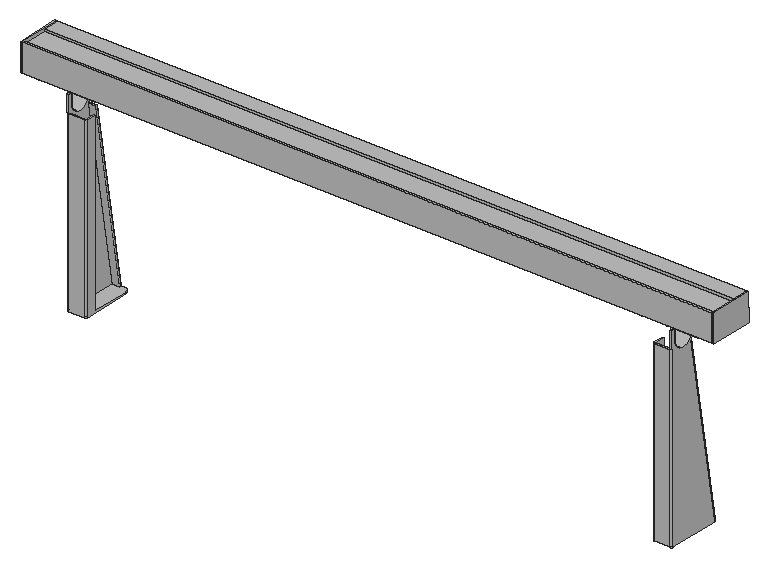
Revit family "4070756+4070747+4070772 Feilo Sylvania Lighting Fixtures CURSUS 876MM 653LM OVAL LED 4K with SINGLE WALL HOUSING with 250MM WALL BRACKET", category Lighting Fixtures, host Face, Revit 2017
Family settings
  Host = Face
  Round Connector Dimension = Use Diameter
  Part Type = Normal
  OmniClass Number = 23.80.70.14
  OmniClass Title = Luminaries for External Lighting
  Cut with Voids When Loaded = Yes
  Light Source = No
  Shared = No
  Room Calculation Point = No
Parameters (values of type "4070756 CURSUS 876MM 653LM OVAL LED 4K")
  Weight = "1.7 kg"
  Wattage Comments = "n/a"
  WarrantyStartDate [instance] = "n/a"
  WarrantyGuarantorParts = "n/a"
  WarrantyDurationUnit = "n/a"
  WarrantyDurationParts = "n/a"
  WarrantyDescription = "n/a"
  Voltage = 24 V
  URL = "http://www.sylvania-lighting.com"
  TypeName = "CURSUS 876MM 653LM OVAL LED 4K"
  TypeFixture_FEILO = CURSUS with SINGLE WALL HOUSING : CURSUS 876MM 653LM OVAL LED 4K
  Type Image = <None>
  Type Comments = "n/a"
  TiltAngle [instance] = 0.00°
  StartAngle [instance] = TiltAngle + 270.00°  # 270.00°
  SerialNumber [instance] = "n/a"
  ReflectorMaterial = none
  PowerFactor = 0
  PowerConsumption = "13.5 W"
  NominalLength = 876 mm
  NominalHeight = 50 mm
  NominalDepth = 30 mm
  Name = "CURSUS 876MM 653LM OVAL LED 4K"
  ModelReference = Name  # "CURSUS 876MM 653LM OVAL LED 4K"
  ModelNumber = "4070756"
  Model = Name  # "CURSUS 876MM 653LM OVAL LED 4K"
  Material = "natural anodised extruded aluminium structure housing, optical system with pmma lenses diffuser"
  ManufacturerName = "Feilo Sylvania"
  Manufacturer = "Feilo Sylvania"
  LuminousEfficacy = "48.37 lm/W"
  LuminaireType = ""
  LightOutputRatio = "100"
  LampsType = Lamp  # "LED"
  LampNominalLuminous = "653 lm"
  LampMacAdamStep = "n/a"
  LampColourTemperature = "4000 K"
  LampColourRenderingIndex = "80"
  Lamp = "LED"
  Keynote = "16500"
  InstallationDate [instance] = "n/a"
  InputVoltage = "24V DC"
  InputNominalFrequency = "n/a"
  IngressProtection = "IP67"
  ImpactProtectionIndex = "IK07"
  IfcExportType = "IfcLightFixtureType"
  IfcExportAs = "IfcLightFixtureType"
  ExpectedLife = 50000
  EndAngle [instance] = StartAngle - 180.00°  # 90.00°
  ElectricShockClassification = "Class III"
  DurationUnit = "hours"
  DocumentationLiterature = "http://www.sylvania-lighting.com/product/en-int/products/4070756"
  DimmingControlOptions = "n/a"
  DiffuserMaterial = Diffuser-Sylvania-Glow
  Description = "LED Exterior Lighting Recessed Surface Mounted Linear Fixture, Natural anodised extruded aluminium structure. Die-cast aluminium end caps. Installation kit with harmonic steel springs., 653 lm, 13,5W,  48lm/W, 4000K, CRI80+,non dimmable,IP67, IK07, (HxWxD) 876x50x30mm, 3 step Mac Adam Ellipse, 1.7kg,, Classe III, 21-25V-DC, energy class : A++, A+, A"
  Default Elevation = 1219.2 mm
  CreatedOn = "1/8/2018"
  CreatedBy = ""
  Cost = 0
  built-in parameter 1114216 [instance] = (empty or 0)
  ClassificationValue = "EF_70_80"
  ClassificationName = "Uniclass2015"
  BracketWidth = 24 mm
  BracketThickness = 2 mm
  BracketHeightEnd = 32 mm
  BracketHeight = 70 mm
  BracketFlange = BracketHeight / 5  # 14 mm
  BracketExtension = 250 mm
  BracketEndReduction = 25 mm
  BracketC = 22 mm  # constant formula
  BracketDistance = 745 mm
  BracketD = BracketHeightEnd - (BracketC * (BracketHeight - BracketHeightEnd) / (BracketExtension - BracketEndReduction))  # 28.284 mm
  BodyMaterial = Body-Sylvania-Gray
  BarCode [instance] = "n/a"
  AssetType = "Fixed"
  AssetIdentifier [instance] = "n/a"
  Assembly Code = "D5020200"
  Apparent Load = 13.5 VA
  AccessoryMaterial = Diffuser-Sylvania-Glow
Reference planes
  plane 1 "Center (Front/Back)": y = 0
  plane 2: z = 0
  plane 3 "Center (Left/Right)": x = 0
  plane 4: x = -384.5
  plane 5: x = 384.5
  plane 6: y = 70
  plane 7: x = -360.5
  plane 8: x = 360.5
  plane 9: z = 250
  plane 10: z = 236
  plane 11: z = 2
  plane 12: z = 225
  plane 13: x = -382.5
  plane 14: y = 68
  plane 15: y = 2
  plane 16: x = -362.5
  plane 17: x = 362.5
  plane 18: x = 382.5
  plane 19: x = -372.5
  plane 20: x = 372.5
  plane 21: y = 14
  plane 22: y = 32
  plane 23: y = 30
  plane 24: z = 247
  plane 25: y = 28.284
  plane 26: y = 16
Forms (mm)
  Blend 1, solid, material "Body-Sylvania-Gray" <- "BodyMaterial"
    base sketch origin (1223.4, -4572, 2) x (0, -1, 0) y (1, 0, 0)
      loop
        line (-4640, -1595.9) -> (-4642, -1595.9) -> (-4642, -1605.9)
        arc (-4642, -1605.9) -> (-4641.414, -1607.314) -> (-4640, -1607.9) r 2
        line (-4640, -1607.9) -> (-4574, -1607.9)
        arc (-4574, -1607.9) -> (-4572.586, -1607.314) -> (-4572, -1605.9) r 2
        line (-4572, -1605.9) -> (-4572, -1585.9)
        arc (-4572, -1585.9) -> (-4572.586, -1584.486) -> (-4574, -1583.9) r 2
        line (-4574, -1583.9) -> (-4586, -1583.9) -> (-4586, -1585.9) -> (-4574, -1585.9) -> (-4574, -1605.9) -> (-4640, -1605.9) -> (-4640, -1595.9)
    top sketch origin (1223.4, -4572, 2) x (0, -1, 0) y (1, 0, 0)
      loop
        line (-4586, -1585.9) -> (-4574, -1585.9) -> (-4574, -1605.9) -> (-4602, -1605.9) -> (-4602, -1595.9) -> (-4604, -1595.9) -> (-4604, -1605.9)
        arc (-4604, -1605.9) -> (-4603.52, -1607.21) -> (-4602.309, -1607.9) r 2.028
        line (-4602.309, -1607.9) -> (-4574, -1607.9)
        arc (-4574, -1607.9) -> (-4572.586, -1607.314) -> (-4572, -1605.9) r 2
        line (-4572, -1605.9) -> (-4572, -1585.9)
        arc (-4572, -1585.9) -> (-4572.586, -1584.486) -> (-4574, -1583.9) r 2
        line (-4574, -1583.9) -> (-4586, -1583.9) -> (-4586, -1585.9)
    from 0 to 223
  Extrusion 2, solid, material "Body-Sylvania-Gray" <- "BodyMaterial"
    sketch origin (0, 0, 0) x (1, 0, 0) y (0, 1, 0)
      loop
        arc (-382.5, 70) -> (-383.914, 69.414) -> (-384.5, 68) r 2
        line (-384.5, 68) -> (-384.5, 2)
        arc (-384.5, 2) -> (-383.914, 0.586) -> (-382.5, 0) r 2
        line (-382.5, 0) -> (-362.5, 0)
        arc (-362.5, 0) -> (-361.086, 0.586) -> (-360.5, 2) r 2
        line (-360.5, 2) -> (-360.5, 62.5)
        arc (-360.5, 62.5) -> (-362.697, 67.803) -> (-368, 70) r 7.5
        line (-368, 70) -> (-382.5, 70)
      loop
        line (382.5, 70) -> (368, 70)
        arc (368, 70) -> (362.697, 67.803) -> (360.5, 62.5) r 7.5
        line (360.5, 62.5) -> (360.5, 2)
        arc (360.5, 2) -> (361.086, 0.586) -> (362.5, 0) r 2
        line (362.5, 0) -> (382.5, 0)
        arc (382.5, 0) -> (383.914, 0.586) -> (384.5, 2) r 2
        line (384.5, 2) -> (384.5, 68)
        arc (384.5, 68) -> (383.914, 69.414) -> (382.5, 70) r 2
    from 0 to 2
  Blend 3, solid, material "Body-Sylvania-Gray" <- "BodyMaterial"
    base sketch origin (1223.4, -4572, 2) x (0, -1, 0) y (1, 0, 0)
      loop
        line (-4640, -840.9) -> (-4574, -840.9) -> (-4574, -860.9) -> (-4586, -860.9) -> (-4586, -862.9) -> (-4574, -862.9)
        arc (-4574, -862.9) -> (-4572.586, -862.314) -> (-4572, -860.9) r 2
        line (-4572, -860.9) -> (-4572, -840.9)
        arc (-4572, -840.9) -> (-4572.586, -839.486) -> (-4574, -838.9) r 2
        line (-4574, -838.9) -> (-4640, -838.9)
        arc (-4640, -838.9) -> (-4641.414, -839.486) -> (-4642, -840.9) r 2
        line (-4642, -840.9) -> (-4642, -850.9) -> (-4640, -850.9) -> (-4640, -840.9)
    top sketch origin (1223.4, -4572, 2) x (0, -1, 0) y (1, 0, 0)
      loop
        line (-4602, -850.9) -> (-4602, -840.9) -> (-4574, -840.9) -> (-4574, -860.9) -> (-4586, -860.9) -> (-4586, -862.9) -> (-4574, -862.9)
        arc (-4574, -862.9) -> (-4572.586, -862.314) -> (-4572, -860.9) r 2
        line (-4572, -860.9) -> (-4572, -840.9)
        arc (-4572, -840.9) -> (-4572.586, -839.486) -> (-4574, -838.9) r 2
        line (-4574, -838.9) -> (-4602, -838.9)
        arc (-4602, -838.9) -> (-4603.414, -839.486) -> (-4604, -840.9) r 2
        line (-4604, -840.9) -> (-4604, -850.9) -> (-4602, -850.9)
    from 0 to 223
  Blend 4, solid, material "Body-Sylvania-Gray" <- "BodyMaterial"
    base sketch origin (1223.4, -4572, 225) x (0, -1, 0) y (1, 0, 0)
      loop
        line (-4604, -1607.9) -> (-4572, -1607.9) -> (-4572, -1605.9) -> (-4604, -1605.9) -> (-4604, -1607.9)
    top sketch origin (1223.4, -4572, 225) x (0, -1, 0) y (1, 0, 0)
      loop
        line (-4572, -1607.9) -> (-4572, -1605.9) -> (-4600.284, -1605.9) -> (-4600.284, -1607.9) -> (-4572, -1607.9)
    from 0 to 22
  Blend 5, solid, material "Body-Sylvania-Gray" <- "BodyMaterial"
    base sketch origin (1223.4, -4572, 225) x (0, -1, 0) y (1, 0, 0)
      loop
        line (-4604, -840.9) -> (-4572, -840.9) -> (-4572, -838.9) -> (-4604, -838.9) -> (-4604, -840.9)
    top sketch origin (1223.4, -4572, 225) x (0, -1, 0) y (1, 0, 0)
      loop
        line (-4572, -838.9) -> (-4600.284, -838.9) -> (-4600.284, -840.9) -> (-4572, -840.9) -> (-4572, -838.9)
    from 0 to 22
  Extrusion 6, void
    sketch origin (0, 0, 0) x (0, 1, 0) y (0, 0, 1)
      loop
        line (0, 225) -> (2, 225) -> (2, 226.5) -> (0, 226.5) -> (0, 225)
      loop
        line (32, 225) -> (32, 226.5) -> (30, 226.5) -> (30, 225) -> (32, 225)
    from -384.5 to 384.5
  Revolve 7, solid, not visible
    sketch origin (1524, 16, 1219.2) x (1, 0, 0) y (0, 0, 1)
      loop
        line (-1524, -972.2) -> (-1524, -983.2) -> (-1151.5, -983.2) -> (-1151.5, -972.2) -> (-1524, -972.2)
      axis (-1151.5, -983.2) -> (-1524, -983.2)
    angle from 270 <- "StartAngle" to 90 <- "EndAngle"
Cuts and joins
  Extrusion 6 cuts Blend 4
  Extrusion 6 cuts Blend 5
  joined: Blend 1, Extrusion 2, Blend 3, Blend 4, Blend 5
Lines and regions (mm)
  reference lines, not visible
    curve 1: line (-360.5, 16, 236) -> (360.5, 16, 236)
Dimensions and locks
  equal spacing: plane 4, plane 3 "Center (Left/Right)", plane 5
  "BracketDistance": plane 19 to plane 20
  "BracketHeight": plane 1 "Center (Front/Back)" to plane 6
  equal spacing: plane 7, plane 3 "Center (Left/Right)", plane 8
  "BracketWidth": plane 4 to plane 7
  "BracketExtension": plane 9 to plane 2
  "BracketThickness": plane 11 to plane 2
  "BracketEndReduction": plane 9 to plane 12
  equal spacing: plane 13, plane 3 "Center (Left/Right)", plane 18
  equal spacing: plane 16, plane 3 "Center (Left/Right)", plane 17
  "BracketThickness": plane 4 to plane 13
  "BracketThickness": plane 16 to plane 7
  "BracketThickness": plane 14 to plane 6
  "BracketThickness": plane 1 "Center (Front/Back)" to plane 15
  equal spacing: plane 4, plane 19, plane 7
  equal spacing: plane 8, plane 20, plane 5
  "BracketFlange": plane 1 "Center (Front/Back)" to plane 21
  "BracketHeightEnd": plane 1 "Center (Front/Back)" to plane 22
  "BracketThickness": plane 23 to plane 22
  locked: Extrusion 2 sketch curve to plane 7 at 7.5
  locked: Extrusion 2 sketch curve to plane 6 at 7.5  (x2)
  locked: plane 8 to Extrusion 2 sketch curve at 7.5
  "BracketC": plane 24 to plane 12
  "BracketD": plane 1 "Center (Front/Back)" to plane 25
  locked: plane 12 to Extrusion 6 sketch curve at 1.5
  equal spacing: plane 24, plane 10, plane 12
  equal spacing: plane 1 "Center (Front/Back)", plane 26, plane 22
  aligned and locked: plane 2 to host face
  aligned and locked: level to host face
  aligned and locked: plane 4 to Blend 1 sketch curve  (x2)
  aligned and locked: plane 13 to Blend 1 sketch curve  (x3)
  aligned and locked: Blend 1 sketch curve to plane 15
  aligned and locked: Blend 1 sketch curve to plane 16
  aligned and locked: Blend 1 sketch curve to plane 21
  aligned and locked: plane 7 to Blend 1 sketch curve
  aligned and locked: plane 16 to Blend 1 sketch curve
  aligned and locked: plane 1 "Center (Front/Back)" to Blend 1 sketch curve
  aligned and locked: plane 14 to Blend 1 sketch curve
  aligned and locked: Blend 1 sketch curve to var sketch  (x6)
  aligned and locked: Blend 1 sketch curve to plane 19
  aligned and locked: Blend 1 sketch curve to plane 22
  aligned and locked: plane 23 to Blend 1 sketch curve
  aligned and locked: plane 11 to Blend 1
  aligned and locked: Extrusion 2 sketch curve to Blend 1  (x3)
  aligned and locked: Extrusion 2 to level
  aligned and locked: Extrusion 2 to plane 11
  aligned and locked: Extrusion 2 sketch curve to plane 7
  aligned and locked: plane 18 to Blend 3 sketch curve  (x4)
  aligned and locked: plane 14 to Blend 3 sketch curve  (x2)
  aligned and locked: Blend 3 sketch curve to plane 20
  aligned and locked: Blend 3 sketch curve to plane 6
  aligned and locked: plane 5 to Blend 3 sketch curve
  aligned and locked: plane 1 "Center (Front/Back)" to Blend 3 sketch curve
  aligned and locked: plane 15 to Blend 3 sketch curve  (x2)
  aligned and locked: Blend 3 sketch curve to plane 8
  aligned and locked: Blend 3 sketch curve to plane 21
  aligned and locked: plane 17 to Blend 3 sketch curve
  aligned and locked: Blend 3 sketch curve to plane 18
  aligned and locked: plane 20 to Blend 3 sketch curve  (x2)
  aligned and locked: Blend 3 sketch curve to plane 23
  aligned and locked: Blend 3 sketch curve to var sketch  (x8)
  aligned and locked: var sketch to Blend 3 sketch curve
  aligned and locked: plane 22 to Blend 3 sketch curve
  aligned and locked: plane 11 to Blend 3
  aligned and locked: Extrusion 2 sketch curve to Blend 3  (x4)
  aligned and locked: Blend 1 to plane 12
  aligned and locked: Blend 3 to plane 12
  aligned and locked: Blend 4 sketch curve to plane 22
  aligned and locked: Blend 4 sketch curve to cut or joined group of Blend 1, Extrusion 2, Blend 3, Blend 4, Blend 5, Extrusion 6  (x2)
  aligned and locked: cut or joined group of Blend 1, Extrusion 2, Blend 3, Blend 4, Blend 5, Extrusion 6 to Blend 4 sketch curve
  aligned and locked: Blend 4 sketch curve to var sketch  (x2)
  aligned and locked: Blend 4 sketch curve to plane 13
  aligned and locked: Blend 4 to plane 24
  aligned and locked: Blend 4 sketch curve to plane 25
  aligned and locked: Blend 5 sketch curve to plane 18  (x2)
  aligned and locked: plane 1 "Center (Front/Back)" to Blend 5 sketch curve
  aligned and locked: plane 5 to Blend 5 sketch curve
  aligned and locked: plane 22 to Blend 5 sketch curve
  aligned and locked: Blend 5 sketch curve to var sketch
  aligned and locked: var sketch to Blend 5 sketch curve
  aligned and locked: Blend 5 sketch curve to plane 25
  aligned and locked: Blend 5 to plane 24
  aligned and locked: plane 12 to Blend 5
  aligned and locked: Extrusion 6 sketch curve to cut or joined group of Blend 1, Extrusion 2, Blend 3, Blend 4, Blend 5, Extrusion 6  (x2)
  aligned and locked: Extrusion 6 sketch curve to Extrusion 6 sketch curve
  aligned and locked: Extrusion 6 sketch curve to plane 15
  aligned and locked: plane 5 to Extrusion 6
  aligned and locked: Extrusion 6 to plane 4
  aligned and locked: Extrusion 6 sketch curve to plane 23
  aligned and locked: Revolve 7 sketch curve to plane 10  (x2)
  aligned and locked: plane 24 to Revolve 7 sketch curve
  aligned and locked: plane 3 "Center (Left/Right)" to Revolve 7 sketch curve
  aligned and locked: Revolve 7 sketch curve to plane 20
  aligned and locked: plane 7 to curve 1
  aligned and locked: plane 10 to curve 1
  aligned and locked: nested 1 to plane 5
  aligned and locked: nested 2 to plane 4
  aligned and locked: nested 1 to curve 1
  aligned and locked: nested 2 to curve 1
  aligned and locked: nested 1 to nested 3
  aligned and locked: nested 3 to plane 3 "Center (Left/Right)"
Automatic sketch dimensions
  host sketch curve to host sketch curve = 2438.4 mm  (x2)
  Blend 1 sketch curve to plane 13 = 0 mm
  plane 15 to Blend 1 sketch curve = 0 mm  (x3)
  Blend 1 sketch curve to plane 23 = 0.309 mm
  plane 6 to Blend 1 sketch curve = 0 mm
  plane 14 to Blend 1 sketch curve = 0 mm
  Blend 1 sketch curve to plane 19 = 0 mm
  Blend 3 sketch curve to plane 17 = 0 mm
  Extrusion 6 sketch curve to plane 1 "Center (Front/Back)" = 0 mm
  plane 12 to Extrusion 6 sketch curve = 0 mm
  Revolve 7 sketch curve to plane 4 = 1153 mm
  plane 5 to Revolve 7 sketch curve = 1161.4 mm
  curve 1 to plane 8 = 0 mm
Nested families
  nested 1: "MountingPlate" at (383.5, 16, 236) x (-1, 0, 0) z (0, 0, 1), type "MountingPlate"
  nested 2: "MountingPlate" at (-383.5, 16, 236) x (-1, 0, 0) z (0, 0, 1), type "MountingPlate"
  nested 3: "CURSUS with SINGLE WALL HOUSING" at (0, -4, 254) x (-1, 0, 0) z (0, 0, 1), type <- "TypeFixture_FEILO", type "CURSUS 876MM 653LM OVAL LED 4K"
    with WarrantyStartDate "n/a", SerialNumber "n/a", InstallationDate "n/a", EndCapRight yes, EndCapLeft yes, built-in parameter 1114216 (empty or 0), BarCode "n/a", AssetIdentifier "n/a"
Connectors
  electrical at (0, 0, 0), driven by "Voltage", driven by "Apparent Load", driven by "PowerFactor"
    settings: index 1, voltage 24 V, apparent load 13.5 VA, apparent load phase1 0 VA, apparent load phase2 0 VA, apparent load phase3 0 VA, power factor 0, load classification "Other", number of poles 1, system type 30, power factor state 1, is connector primary yes, connector utility no, sub classification motor no, connector description ""
Definition of nested family "MountingPlate"
  Parameters (values of type "MountingPlate")
    URL = "http://www.feilosylvania.com"
    Type Comments = "n/a"
    ReflectorMaterial = none
    MountingPlateWidth = 76 mm
    MountingPlateThickness = 2 mm
    MountingPlateRadiusBack = 12 mm
    MountingPlateRadius = 3 mm
    MountingPlateHeight = 35 mm
    Model = "n/a"
    Manufacturer = "Feilo Sylvania"
    Keynote = "n/a"
    DiffuserMaterial = none
    Description = "n/a"
    Default Elevation = 1219.2 mm
    Cost = 0
    BodyMaterial = none
    Assembly Code = "n/a"
    AccessoryMaterial = none
  Reference planes
    plane 1 "Center (Front/Back)": y = 0
    plane 2: z = 0
    plane 3 "Center (Left/Right)": x = 0
    plane 4: x = -38
    plane 5: x = 38
    plane 6: y = 17.5
    plane 7: y = -17.5
    plane 8: x = -3
    plane 9: x = 3
    plane 10: z = 18
    plane 11: z = 16
    plane 12: y = 12.5
    plane 13: y = -12.5
    plane 14: x = -1
    plane 15: x = 1
    plane 16: z = -12.5
    plane 17: z = -14.5
  Forms (mm)
    Extrusion 1, solid
      sketch origin (1.653, 0, 0) x (1, 0, 0) y (0, 1, 0)
        loop
          line (-1219.2, 1219.2) -> (-1219.2, -1219.2) -> (1219.2, -1219.2) -> (1219.2, 1219.2) -> (-1219.2, 1219.2)
      from 0 to -304.8
    Extrusion 2, solid, material <- "BodyMaterial"
      sketch origin (1218.4, -4572, 16) x (0, -1, 0) y (-1, 0, 0)
        loop
          line (-4589.5, 1253.4) -> (-4589.5, 1224.4)
          arc (-4589.5, 1224.4) -> (-4588.621, 1222.279) -> (-4586.5, 1221.4) r 3
          line (-4586.5, 1221.4) -> (-4557.5, 1221.4)
          arc (-4557.5, 1221.4) -> (-4555.379, 1222.279) -> (-4554.5, 1224.4) r 3
          line (-4554.5, 1224.4) -> (-4554.5, 1253.4)
          arc (-4554.5, 1253.4) -> (-4555.379, 1255.521) -> (-4557.5, 1256.4) r 3
          line (-4557.5, 1256.4) -> (-4586.5, 1256.4)
          arc (-4586.5, 1256.4) -> (-4588.621, 1255.521) -> (-4589.5, 1253.4) r 3
        loop
          arc (-4589.5, 1183.4) -> (-4588.621, 1181.279) -> (-4586.5, 1180.4) r 3
          line (-4586.5, 1180.4) -> (-4557.5, 1180.4)
          arc (-4557.5, 1180.4) -> (-4555.379, 1181.279) -> (-4554.5, 1183.4) r 3
          line (-4554.5, 1183.4) -> (-4554.5, 1212.4)
          arc (-4554.5, 1212.4) -> (-4555.379, 1214.521) -> (-4557.5, 1215.4) r 3
          line (-4557.5, 1215.4) -> (-4586.5, 1215.4)
          arc (-4586.5, 1215.4) -> (-4588.621, 1214.521) -> (-4589.5, 1212.4) r 3
          line (-4589.5, 1212.4) -> (-4589.5, 1183.4)
      from 0 to -2
    Extrusion 3, solid, material <- "BodyMaterial"
      sketch origin (0, 0, 0) x (1, 0, 0) y (0, 0, 1)
        loop
          line (-3, 18) -> (-3, -12.5) -> (-1, -12.5) -> (-1, 16)
          arc (-1, 16) -> (-1.586, 17.414) -> (-3, 18) r 2
        loop
          line (3, -12.5) -> (3, 18)
          arc (3, 18) -> (1.586, 17.414) -> (1, 16) r 2
          line (1, 16) -> (1, -12.5) -> (3, -12.5)
      from -12.5 to 12.5
    Extrusion 4, void
      sketch origin (0, 0, 0) x (0, 1, 0) y (0, 0, 1)
        loop
          line (-12.5, -0.5) -> (-17.5, -0.5) -> (-17.5, -14.5) -> (-0.5, -14.5) -> (-0.5, -12.5)
          arc (-0.5, -12.5) -> (-8.985, -8.985) -> (-12.5, -0.5) r 12
        loop
          line (0.5, -12.5) -> (0.5, -14.5) -> (17.5, -14.5) -> (17.5, -0.5) -> (12.5, -0.5)
          arc (12.5, -0.5) -> (8.985, -8.985) -> (0.5, -12.5) r 12
      from -3 to 3
  Cuts and joins
    Extrusion 4 cuts Extrusion 2
    Extrusion 4 cuts Extrusion 3
    joined: Extrusion 2, Extrusion 3
  Lines and regions (mm)
    reference lines
      curve 1: line (-38, 0, 0) -> (38, 0, 0)
  Dimensions and locks
    equal spacing: plane 4, plane 3 "Center (Left/Right)", plane 5
    "MountingPlateWidth": plane 4 to plane 5
    equal spacing: plane 7, plane 1 "Center (Front/Back)", plane 6
    "MountingPlateHeight": plane 7 to plane 6
    equal spacing: plane 8, plane 3 "Center (Left/Right)", plane 9
    "MountingPlateHeight": plane 4 to plane 8
    locked: plane 10 to plane 2 at 18
    "MountingPlateThickness": plane 10 to plane 11
    equal spacing: plane 13, plane 1 "Center (Front/Back)", plane 12
    locked: plane 13 to plane 12 at 25
    "MountingPlateRadius": plane 4 to Extrusion 2 sketch curve  (x2)
    "MountingPlateRadius": Extrusion 2 sketch curve to plane 6  (x4)
    "MountingPlateRadius": Extrusion 2 sketch curve to plane 8  (x2)
    "MountingPlateRadius": plane 7 to Extrusion 2 sketch curve  (x4)
    "MountingPlateRadius": plane 9 to Extrusion 2 sketch curve  (x2)
    "MountingPlateRadius": Extrusion 2 sketch curve to plane 5  (x2)
    equal spacing: plane 15, plane 3 "Center (Left/Right)", plane 14
    "MountingPlateThickness": plane 14 to plane 8
    locked: plane 2 to plane 16 at 12.5
    locked: plane 17 to plane 16 at 2
    "MountingPlateRadiusBack": plane 13 to Extrusion 4 sketch curve
    "MountingPlateRadiusBack": plane 16 to Extrusion 4 sketch curve  (x2)
    "MountingPlateRadiusBack": Extrusion 4 sketch curve to plane 12
    aligned and locked: plane 2 to Extrusion 1
    aligned and locked: level to Extrusion 1
    aligned and locked: Extrusion 2 sketch curve to plane 6
    aligned and locked: Extrusion 2 sketch curve to plane 4
    aligned and locked: plane 7 to Extrusion 2 sketch curve
    aligned and locked: plane 8 to Extrusion 2 sketch curve
    aligned and locked: plane 6 to Extrusion 2 sketch curve
    aligned and locked: Extrusion 2 sketch curve to plane 5
    aligned and locked: Extrusion 2 sketch curve to plane 7
    aligned and locked: plane 9 to Extrusion 2 sketch curve
    aligned and locked: Extrusion 2 to plane 10
    aligned and locked: plane 11 to Extrusion 2
    aligned and locked: Extrusion 3 sketch curve to Extrusion 2  (x2)
    aligned and locked: plane 16 to Extrusion 3 sketch curve  (x2)
    aligned and locked: plane 14 to Extrusion 3 sketch curve
    aligned and locked: plane 9 to Extrusion 3 sketch curve
    aligned and locked: plane 15 to Extrusion 3 sketch curve
    aligned and locked: Extrusion 3 to plane 12
    aligned and locked: plane 13 to Extrusion 3
    aligned and locked: plane 17 to Extrusion 4 sketch curve  (x2)
    aligned and locked: Extrusion 4 sketch curve to plane 7
    aligned and locked: Extrusion 4 sketch curve to plane 6
    aligned and locked: plane 9 to Extrusion 4
    aligned and locked: Extrusion 4 to plane 8
    aligned and locked: plane 4 to curve 1
    aligned and locked: curve 1 to level
  Automatic sketch dimensions
    Extrusion 1 sketch curve to Extrusion 1 sketch curve = 2438.4 mm  (x2)
    Extrusion 3 sketch curve to plane 11 = 0 mm
    curve 1 to plane 5 = 0 mm
    Extrusion 4 sketch curve to plane 13 = 0 mm
    Extrusion 4 sketch curve to plane 12 = 0 mm
Definition of nested family "CURSUS with SINGLE WALL HOUSING"
  Parameters (values of type "CURSUS 1161MM 827LM OVAL LED 3K")
    Width_FEILO = 35 mm
    Weight = "2.2 kg"
    Wattage Comments = "n/a"
    Wattage = 18 W
    WarrantyStartDate [instance] = "n/a"
    WarrantyGuarantorParts = "n/a"
    WarrantyDurationUnit = "n/a"
    WarrantyDurationParts = "n/a"
    WarrantyDescription = "n/a"
    WallThickness_FEILO = 2.5 mm
    built-in parameter 1150110 = 1 (stored number, unit not read)
    Voltage = 24 V
    URL = "http://www.feilosylvania.com"
    TypeName = "CURSUS 1161MM 827LM OVAL LED 3K"
    Type Image = (empty or 0)
    Type Comments = "n/a"
    built-in parameter 1114217 = 1 (stored number, unit not read)
    Tilt Angle = -90.00°
    built-in parameter 1150109 = 1 (stored number, unit not read)
    built-in parameter 1150134 = (empty or 0)
    built-in parameter 1150113 = 1 (stored number, unit not read)
    SerialNumber [instance] = "n/a"
    ReflectorMaterial = none
    PowerFactor = 0
    PowerConsumption = "18 W"
    Photometric Web File = "4070765.ies"
    NominalLength = 1161 mm
    NominalHeight = 50 mm
    NominalDepth = 30 mm
    Name = "CURSUS 1161MM 827LM OVAL LED 3K"
    ModelReference = Name  # "CURSUS 1161MM 827LM OVAL LED 3K"
    ModelNumber = ""
    Model = Name  # "CURSUS 1161MM 827LM OVAL LED 3K"
    Material = "natural anodised extruded aluminium structure housing, optical system with pmma lenses diffuser"
    ManufacturerName = "Feilo Sylvania"
    Manufacturer = "Feilo Sylvania"
    LuminousEfficacy = "45.94 lm/W"
    built-in parameter 1150105 = 1166.5 (stored number, unit not read)
    Lumens = 827 lm
    LuminaireType = ""
    built-in parameter 1150115 = 1 (stored number, unit not read)
    LightOutputRatio = "100"
    built-in parameter 1150137 = (empty or 0)
    built-in parameter 1150139 = (empty or 0)
    Length_FEILO = 1167 mm
    LampsType = Lamp  # "LED"
    LampNominalLuminous = "827 lm"
    LampMacAdamStep = "n/a"
    LampColourTemperature = "3000 K"
    LampColourRenderingIndex = "80"
    built-in parameter 1150112 = 1 (stored number, unit not read)
    built-in parameter 1150114 = 1 (stored number, unit not read)
    Lamp = "LED"
    Keynote = "16500"
    InstallationDate [instance] = "n/a"
    InputVoltage = "24V DC"
    InputNominalFrequency = "n/a"
    built-in parameter 1150132 = (empty or 0)
    built-in parameter 1150102 = (empty or 0)
    built-in parameter 1150107 = 3000 (stored number, unit not read)
    built-in parameter 1150138 = (empty or 0)
    IngressProtection = "IP67"
    ImpactProtectionIndex = "IK07"
    built-in parameter 1150106 = 11.665 (stored number, unit not read)
    IfcExportType = "IfcLightFixtureType"
    IfcExportAs = "IfcLightFixtureType"
    ExpectedLife = 50000
    EndCapRight [instance] = yes
    EndCapLeft [instance] = yes
    Emit from Rectangle Width = Width_FEILO - WallThickness_FEILO * 2  # 30 mm
    Emit from Rectangle Length = Length_FEILO - WallThickness_FEILO * 2  # 1162 mm
    Emit Shape Visible in Rendering = no
    ElectricShockClassification = "Class III"
    built-in parameter 1150104 = 4.2684 (stored number, unit not read)
    DurationUnit = "hours"
    DocumentationLiterature = "http://www.feilosylvania.com/product/en-int/products/4070765"
    DimmingControlOptions = "n/a"
    Dimming Lamp Color Temperature Shift = (empty or 0)
    DiffuserMaterial = none
    Description = "LED Exterior Lighting Recessed Surface Mounted Linear Fixture, Natural anodised extruded aluminium structure. Die-cast aluminium end caps. Installation kit with harmonic steel springs., 827 lm, 18W, 45lm/W, 3000K, CRI80+,non dimmable,IP67, IK07, (HxWxD) 1161x50x30mm, 3 step Mac Adam Ellipse, 2.2kg,, Classe III, 21-25V-DC, energy class : A++, A+, A"
    Default Elevation = 1219.2 mm
    CreatedOn = "1/8/2018"
    CreatedBy = "aron.fodor@feilosylvania.com"
    Cost = 0
    Color Filter = 16777215
    built-in parameter 1114216 [instance] = (empty or 0)
    ClassificationValue = "EF_70_80"
    ClassificationName = "Uniclass2015"
    BodyMaterial = none
    BarCode [instance] = "n/a"
    built-in parameter 1114218 = 1 (stored number, unit not read)
    built-in parameter 1150133 = 10 (stored number, unit not read)
    AssetType = "Fixed"
    AssetIdentifier [instance] = "n/a"
    Assembly Code = "D5020200"
    Apparent Load = 18 VA
    AccessoryMaterial = none
  Types (16, lengths in mm): name | Weight | Wattage | Voltage | TypeName | built-in parameter 1150134 | PowerConsumption | Photometric Web File | NominalLength | Name | ModelReference | Model | Material | LuminousEfficacy | built-in parameter 1150105 | Lumens | Length_FEILO | LampNominalLuminous | LampColourTemperature | InputVoltage | InputNominalFrequency | built-in parameter 1150107 | built-in parameter 1150106 | Emit from Rectangle Length | built-in parameter 1150104 | DocumentationLiterature | Description | Apparent Load
    CURSUS 1161MM 827LM OVAL LED 3K | "2.2 kg" | 18 W | 24 V | "CURSUS 1161MM 827LM OVAL LED 3K" | (empty or 0) | "18 W" | "4070765.ies" | 1161 | "CURSUS 1161MM 827LM OVAL LED 3K" | "CURSUS 1161MM 827LM OVAL LED 3K" | "CURSUS 1161MM 827LM OVAL LED 3K" | "natural anodised extruded aluminium structure housing, optical system with pmma lenses diffuser" | "45.94 lm/W" | 1166.5 (stored number, unit not read) | 827 lm | 1167 | "827 lm" | "3000 K" | "24V DC" | "n/a" | 3000 (stored number, unit not read) | 11.665 (stored number, unit not read) | 1162 | 4.2684 (stored number, unit not read) | "http://www.feilosylvania.com/product/en-int/products/4070765" | "LED Exterior Lighting Recessed Surface Mounted Linear Fixture, Natural anodised extruded aluminium structure. Die-cast aluminium end caps. Installation kit with harmonic steel springs., 827 lm, 18W, 45lm/W, 3000K, CRI80+,non dimmable,IP67, IK07, (HxWxD) 1161x50x30mm, 3 step Mac Adam Ellipse, 2.2kg,, Classe III, 21-25V-DC, energy class : A++, A+, A" | 18 VA
    CURSUS 1161MM 731LM WIDE LED 3K | "2.2 kg" | 18 W | 230 V | "CURSUS 1161MM 731LM WIDE LED 3K" | (empty or 0) | "18 W" | "4070764.ies" | 1161 | "CURSUS 1161MM 731LM WIDE LED 3K" | "CURSUS 1161MM 731LM WIDE LED 3K" | "CURSUS 1161MM 731LM WIDE LED 3K" | "natural anodised extruded aluminium structure housing" | "40.61 lm/W" | 403.47 (stored number, unit not read) | 731 lm | 1167 | "731 lm" | "3000 K" | "220-240V~" | "n/a" | 3000 (stored number, unit not read) | 4.0347 (stored number, unit not read) | 1162 | 3.7729 (stored number, unit not read) | "http://www.feilosylvania.com/product/en-int/products/4070764" | "LED Exterior Lighting Recessed Surface Mounted Linear Fixture, Natural anodised extruded aluminium structure. Die-cast aluminium end caps. Installation kit with harmonic steel springs., 731 lm, 18W, 40lm/W, 3000K, CRI80+,non dimmable,IP67, IK07, (HxWxD) 1161x50x30mm, 3 step Mac Adam Ellipse, 2.2kg,, Classe III, 21-25V-DC, energy class : A++, A+, A" | 18 VA
    CURSUS 1161MM 871LM OVAL LED 4K | "2.2 kg" | 18 W | 24 V | "CURSUS 1161MM 871LM OVAL LED 4K" | 12 | "18 W" | "4070763.ies" | 1161 | "CURSUS 1161MM 871LM OVAL LED 4K" | "CURSUS 1161MM 871LM OVAL LED 4K" | "CURSUS 1161MM 871LM OVAL LED 4K" | "natural anodised extruded aluminium structure housing, optical system with pmma lenses diffuser" | "48.38 lm/W" | 1192.8 (stored number, unit not read) | 871 lm | 1167 | "871 lm" | "4000 K" | "24V DC" | "50/60 Hz" | 4000 (stored number, unit not read) | 11.928 (stored number, unit not read) | 1162 | 4.4955 (stored number, unit not read) | "http://www.feilosylvania.com/product/en-int/products/4070763" | "LED Exterior Lighting Recessed Surface Mounted Linear Fixture, Natural anodised extruded aluminium structure. Die-cast aluminium end caps. Installation kit with harmonic steel springs., 871 lm, 18W,  48lm/W, 4000K, CRI80+,non dimmable,IP67, IK07, (HxWxD) 1161x50x30mm, 3 step Mac Adam Ellipse, 2.2kg,, Classe III, 21-25V-DC, energy class : A++, A+, A" | 18 VA
    CURSUS 1161MM 770LM WIDE LED 4K | "2.2 kg" | 18 W | 230 V | "CURSUS 1161MM 770LM WIDE LED 4K" | 12 | "18 W" | "4070762.ies" | 1161 | "CURSUS 1161MM 770LM WIDE LED 4K" | "CURSUS 1161MM 770LM WIDE LED 4K" | "CURSUS 1161MM 770LM WIDE LED 4K" | "natural anodised extruded aluminium structure housing" | "42.77 lm/W" | 424.94 (stored number, unit not read) | 770 lm | 1167 | "770 lm" | "4000 K" | "220-240V~" | "n/a" | 4000 (stored number, unit not read) | 4.2494 (stored number, unit not read) | 1162 | 3.9742 (stored number, unit not read) | "http://www.feilosylvania.com/product/en-int/products/4070762" | "LED Exterior Lighting Recessed Surface Mounted Linear Fixture, Natural anodised extruded aluminium structure. Die-cast aluminium end caps. Installation kit with harmonic steel springs., 770 lm, 18W,  42lm/W, 4000K, CRI80+,non dimmable,IP67, IK07, (HxWxD) 1161x50x30mm, 3 step Mac Adam Ellipse, 2.2kg,, Classe III, 21-25V-DC, energy class : A++, A+, A" | 18 VA
    CURSUS 876MM 620LM OVAL LED 3K | "1.7 kg" | 13.5 W | 24 V | "CURSUS 876MM 620LM OVAL LED 3K" | (empty or 0) | "13.5 W" | "4070758.ies" | 876 | "CURSUS 876MM 620LM OVAL LED 3K" | "CURSUS 876MM 620LM OVAL LED 3K" | "CURSUS 876MM 620LM OVAL LED 3K" | "natural anodised extruded aluminium structure housing, optical system with pmma lenses diffuser" | "45.92 lm/W" | 874.55 (stored number, unit not read) | 620 lm | 882 | "620 lm" | "3000 K" | "24V DC" | "50/60 Hz" | 3000 (stored number, unit not read) | 8.7455 (stored number, unit not read) | 877 | 4.2667 (stored number, unit not read) | "http://www.feilosylvania.com/product/en-int/products/4070758" | "LED Exterior Lighting Recessed Surface Mounted Linear Fixture, Natural anodised extruded aluminium structure. Die-cast aluminium end caps. Installation kit with harmonic steel springs., 620 lm, 13,5W, 45lm/W, 3000K, CRI80+,non dimmable,IP67, IK07, (HxWxD) 876x50x30mm, 3 step Mac Adam Ellipse, 1.7kg,, Classe III, 21-25V-DC, energy class : A++, A+, A" | 13.5 VA
    CURSUS 876MM 548LM WIDE LED 3K | "1.7 kg" | 13.5 W | 24 V | "CURSUS 876MM 548LM WIDE LED 3K" | (empty or 0) | "13.5 W" | "4070757.ies" | 876 | "CURSUS 876MM 548LM WIDE LED 3K" | "CURSUS 876MM 548LM WIDE LED 3K" | "CURSUS 876MM 548LM WIDE LED 3K" | "natural anodised extruded aluminium structure housing" | "40.59 lm/W" | 302.47 (stored number, unit not read) | 548 lm | 882 | "548 lm" | "3000 K" | "24V DC" | "n/a" | 3000 (stored number, unit not read) | 3.0247 (stored number, unit not read) | 877 | 3.7712 (stored number, unit not read) | "http://www.feilosylvania.com/product/en-int/products/4070757" | "LED Exterior Lighting Recessed Surface Mounted Linear Fixture, Natural anodised extruded aluminium structure. Die-cast aluminium end caps. Installation kit with harmonic steel springs., 548 lm, 13,5W, 40lm/W, 3000K, CRI80+,non dimmable,IP67, IK07, (HxWxD) 876x50x30mm, 3 step Mac Adam Ellipse, 1.7kg,, Classe III, 21-25V-DC, energy class : A++, A+, A" | 13.5 VA
    CURSUS 876MM 653LM OVAL LED 4K | "1.7 kg" | 13.5 W | 24 V | "CURSUS 876MM 653LM OVAL LED 4K" | 12 | "13.5 W" | "4070756.ies" | 876 | "CURSUS 876MM 653LM OVAL LED 4K" | "CURSUS 876MM 653LM OVAL LED 4K" | "CURSUS 876MM 653LM OVAL LED 4K" | "natural anodised extruded aluminium structure housing, optical system with pmma lenses diffuser" | "48.37 lm/W" | 894.28 (stored number, unit not read) | 653 lm | 882 | "653 lm" | "4000 K" | "24V DC" | "n/a" | 4000 (stored number, unit not read) | 8.9428 (stored number, unit not read) | 877 | 4.4938 (stored number, unit not read) | "http://www.feilosylvania.com/product/en-int/products/4070756" | "LED Exterior Lighting Recessed Surface Mounted Linear Fixture, Natural anodised extruded aluminium structure. Die-cast aluminium end caps. Installation kit with harmonic steel springs., 653 lm, 13,5W,  48lm/W, 4000K, CRI80+,non dimmable,IP67, IK07, (HxWxD) 876x50x30mm, 3 step Mac Adam Ellipse, 1.7kg,, Classe III, 21-25V-DC, energy class : A++, A+, A" | 13.5 VA
    CURSUS 876MM 577LM WIDE LED 4K | "1.7 kg" | 13.5 W | 24 V | "CURSUS 876MM 577LM WIDE LED 4K" | 12 | "13.5 W" | "4070755.ies" | 876 | "CURSUS 876MM 577LM WIDE LED 4K" | "CURSUS 876MM 577LM WIDE LED 4K" | "CURSUS 876MM 577LM WIDE LED 4K" | "natural anodised extruded aluminium structure housing" | "42.74 lm/W" | 318.43 (stored number, unit not read) | 577 lm | 882 | "577 lm" | "4000 K" | "24V DC" | "n/a" | 4000 (stored number, unit not read) | 3.1843 (stored number, unit not read) | 877 | 3.9707 (stored number, unit not read) | "http://www.feilosylvania.com/product/en-int/products/4070755" | "LED Exterior Lighting Recessed Surface Mounted Linear Fixture, Natural anodised extruded aluminium structure. Die-cast aluminium end caps. Installation kit with harmonic steel springs., 577 lm, 13,5W,  42lm/W, 4000K, CRI80+,non dimmable,IP67, IK07, (HxWxD) 876x50x30mm, 3 step Mac Adam Ellipse, 1.7kg,, Classe III, 21-25V-DC, energy class : A++, A+, A" | 13.5 VA
    CURSUS 591MM 414LM OVAL LED 3K | "1.2 kg" | 9 W | 24 V | "CURSUS 591MM 414LM OVAL LED 3K" | (empty or 0) | "9 W" | "4070751.ies" | 591 | "CURSUS 591MM 414LM OVAL LED 3K" | "CURSUS 591MM 414LM OVAL LED 3K" | "CURSUS 591MM 414LM OVAL LED 3K" | "natural anodised extruded aluminium structure housing, optical system with pmma lenses diffuser" | "46 lm/W" | 583.97 (stored number, unit not read) | 414 lm | 597 | "414 lm" | "3000 K" | "24V DC" | "n/a" | 3000 (stored number, unit not read) | 5.8397 (stored number, unit not read) | 592 | 4.2735 (stored number, unit not read) | "http://www.feilosylvania.com/product/en-int/products/4070751" | "LED Exterior Lighting Recessed Surface Mounted Linear Fixture, Natural anodised extruded aluminium structure. Die-cast aluminium end caps. Installation kit with harmonic steel springs., 414 lm, 9W, 46lm/W, 3000K, CRI80+,non dimmable,IP67, IK07, (HxWxD) 591x50x30mm, 3 step Mac Adam Ellipse, 1.2kg,, Classe III, 21-25V-DC, energy class : A++, A+, A" | 9 VA
    CURSUS 591MM 365LM WIDE LED 3K | "1.2 kg" | 9 W | 24 V | "CURSUS 591MM 365LM WIDE LED 3K" | (empty or 0) | "9 W" | "4070750.ies" | 591 | "CURSUS 591MM 365LM WIDE LED 3K" | "CURSUS 591MM 365LM WIDE LED 3K" | "CURSUS 591MM 365LM WIDE LED 3K" | "natural anodised extruded aluminium structure housing" | "40.55 lm/W" | 201.45 (stored number, unit not read) | 365 lm | 597 | "365 lm" | "3000 K" | "24V DC" | "n/a" | 3000 (stored number, unit not read) | 2.0145 (stored number, unit not read) | 592 | 3.7677 (stored number, unit not read) | "http://www.feilosylvania.com/product/en-int/products/4070750" | "LED Exterior Lighting Recessed Surface Mounted Linear Fixture, Natural anodised extruded aluminium structure. Die-cast aluminium end caps. Installation kit with harmonic steel springs., 365 lm, 9W, 40lm/W, 3000K, CRI80+,non dimmable,IP67, IK07, (HxWxD) 591x50x30mm, 3 step Mac Adam Ellipse, 1.2kg,, Classe III, 21-25V-DC, energy class : A++, A+, A" | 9 VA
    CURSUS 591MM 435LM OVAL LED 4K | "1.2 kg" | 9 W | 24 V | "CURSUS 591MM 435LM OVAL LED 4K" | 12 | "9 W" | "4070749.ies" | 591 | "CURSUS 591MM 435LM OVAL LED 4K" | "CURSUS 591MM 435LM OVAL LED 4K" | "CURSUS 591MM 435LM OVAL LED 4K" | "natural anodised extruded aluminium structure housing, optical system with pmma lenses diffuser" | "48.33 lm/W" | 595.73 (stored number, unit not read) | 435 lm | 597 | "435 lm" | "4000 K" | "24V DC" | "n/a" | 4000 (stored number, unit not read) | 5.9573 (stored number, unit not read) | 592 | 4.4903 (stored number, unit not read) | "http://www.feilosylvania.com/product/en-int/products/4070749" | "LED Exterior Lighting Recessed Surface Mounted Linear Fixture, Natural anodised extruded aluminium structure. Die-cast aluminium end caps. Installation kit with harmonic steel springs., 435 lm, 9W, 48lm/W, 4000K, CRI80+,non dimmable,IP67, IK07, (HxWxD) 591x50x30mm, 3 step Mac Adam Ellipse, 1.2kg,, Classe III, 21-25V-DC, energy class : A++, A+, A" | 9 VA
    CURSUS 591MM 385LM WIDE LED 4K | "1.2 kg" | 9 W | 24 V | "CURSUS 591MM 385LM WIDE LED 4K" | 12 | "9 W" | "4070748.ies" | 591 | "CURSUS 591MM 385LM WIDE LED 4K" | "CURSUS 591MM 385LM WIDE LED 4K" | "CURSUS 591MM 385LM WIDE LED 4K" | "natural anodised extruded aluminium structure housing" | "42.77 lm/W" | 212.47 (stored number, unit not read) | 385 lm | 597 | "385 lm" | "4000 K" | "24V DC" | "n/a" | 4000 (stored number, unit not read) | 2.1247 (stored number, unit not read) | 592 | 3.9742 (stored number, unit not read) | "http://www.feilosylvania.com/product/en-int/products/4070748" | "LED Exterior Lighting Recessed Surface Mounted Linear Fixture, Natural anodised extruded aluminium structure. Die-cast aluminium end caps. Installation kit with harmonic steel springs., 385 lm, 9W,  42lm/W, 4000K, CRI80+,non dimmable,IP67, IK07, (HxWxD) 591x50x30mm, 3 step Mac Adam Ellipse, 1.2kg,, Classe III, 21-25V-DC, energy class : A++, A+, A" | 9 VA
    CURSUS 306MM 207LM OVAL LED3K | "0.6 kg" | 4.5 W | 24 V | "CURSUS 306MM 207LM OVAL LED3K" | (empty or 0) | "4.5 W" | "4070744.ies" | 306 | "CURSUS 306MM 207LM OVAL LED3K" | "CURSUS 306MM 207LM OVAL LED3K" | "CURSUS 306MM 207LM OVAL LED3K" | "natural anodised extruded aluminium structure housing, optical system with pmma lenses diffuser" | "46 lm/W" | 291.98 (stored number, unit not read) | 207 lm | 312 | "207 lm" | "3000 K" | "24V DC" | "n/a" | 3000 (stored number, unit not read) | 2.9198 (stored number, unit not read) | 307 | 4.2735 (stored number, unit not read) | "http://www.feilosylvania.com/product/en-int/products/4070744" | "LED Exterior Lighting Recessed Surface Mounted Linear Fixture, Natural anodised extruded aluminium structure. Die-cast aluminium end caps. Installation kit with harmonic steel springs., 207 lm, 4,5W, 46lm/W, 3000K, CRI80+,non dimmable,IP67, IK07, (HxWxD) 306x50x30mm, 3 step Mac Adam Ellipse, 0.6kg,, Classe III, 21-25V-DC, energy class : A++, A+, A" | 4.5 VA
    CURSUS 306MM 183LM WIDE LED 3K | "0.6 kg" | 4.5 W | 24 V | "CURSUS 306MM 183LM WIDE LED 3K" | (empty or 0) | "4.5 W" | "4070743.ies" | 306 | "CURSUS 306MM 183LM WIDE LED 3K" | "CURSUS 306MM 183LM WIDE LED 3K" | "CURSUS 306MM 183LM WIDE LED 3K" | "natural anodised extruded aluminium structure housing" | "40.66 lm/W" | 101.01 (stored number, unit not read) | 183 lm | 312 | "183 lm" | "3000 K" | "24V DC" | "n/a" | 3000 (stored number, unit not read) | 1.0101 (stored number, unit not read) | 307 | 3.7781 (stored number, unit not read) | "http://www.feilosylvania.com/product/en-int/products/4070743" | "LED Exterior Lighting Recessed Surface Mounted Linear Fixture, Natural anodised extruded aluminium structure. Die-cast aluminium end caps. Installation kit with harmonic steel springs., 183 lm, 4,5W, 40lm/W, 3000K, CRI80+,non dimmable,IP67, IK07, (HxWxD) 306x50x30mm, 3 step Mac Adam Ellipse, 0.6kg,, Classe III, 21-25V-DC, energy class : A++, A+, A" | 4.5 VA
    CURSUS 306MM 218LM OVAL LED 4K | "0.6 kg" | 4.5 W | 24 V | "CURSUS 306MM 218LM OVAL LED 4K" | 12 | "4.5 W" | "4070742.ies" | 306 | "CURSUS 306MM 218LM OVAL LED 4K" | "CURSUS 306MM 218LM OVAL LED 4K" | "CURSUS 306MM 218LM OVAL LED 4K" | "natural anodised extruded aluminium structure housing, optical system with pmma lenses diffuser" | "48.44 lm/W" | 298.55 (stored number, unit not read) | 218 lm | 312 | "218 lm" | "4000 K" | "24V DC" | "n/a" | 4000 (stored number, unit not read) | 2.9855 (stored number, unit not read) | 307 | 4.5006 (stored number, unit not read) | "http://www.feilosylvania.com/product/en-int/products/4070742" | "LED Exterior Lighting Recessed Surface Mounted Linear Fixture, Natural anodised extruded aluminium structure. Die-cast aluminium end caps. Installation kit with harmonic steel springs., 218 lm, 4,5W,  48lm/W, 4000K, CRI80+,non dimmable,IP67, IK07, (HxWxD) 306x50x30mm, 3 step Mac Adam Ellipse, 0.6kg,, Classe III, 21-25V-DC, energy class : A++, A+, A" | 4.5 VA
    CURSUS 306MM 192LM WIDE LED 4K | "0.6 kg" | 4.5 W | 24 V | "CURSUS 306MM 192LM WIDE LED 4K" | 12 | "4.5 W" | "4070741.ies" | 306 | "CURSUS 306MM 192LM WIDE LED 4K" | "CURSUS 306MM 192LM WIDE LED 4K" | "CURSUS 306MM 192LM WIDE LED 4K" | "natural anodised extruded aluminium structure housing" | "42.66 lm/W" | 105.96 (stored number, unit not read) | 192 lm | 312 | "192 lm" | "4000 K" | "24V DC" | "n/a" | 4000 (stored number, unit not read) | 1.0596 (stored number, unit not read) | 307 | 3.9639 (stored number, unit not read) | "http://www.feilosylvania.com/product/en-int/products/4070741" | "LED Exterior Lighting Recessed Surface Mounted Linear Fixture, Natural anodised extruded aluminium structure. Die-cast aluminium end caps. Installation kit with harmonic steel springs., 192 lm, 4,5W,  42lm/W, 4000K, CRI80+,non dimmable,IP67, IK07, (HxWxD) 306x50x30mm, 3 step Mac Adam Ellipse, 0.6kg,, Classe III, 21-25V-DC, energy class : A++, A+, A" | 4.5 VA
  Reference planes
    plane 1 "Center (Front/Back)": y = 0
    plane 2: z = 0
    plane 3 "Center (Left/Right)": x = 0
    plane 4: x = 583.5
    plane 5: x = -583.5
    plane 6: x = -581
    plane 7: x = 581
    plane 8: z = 35
    plane 9: z = 17.5
    plane 10: z = 32.5
    plane 11: z = 2.5
    plane 12: z = 30
    plane 13: z = 5
    plane 14: y = -55
    plane 15: y = -53
    plane 16: y = -2.5
    plane 17: y = -37
    plane 18: y = -34.5
  Forms (mm)
    Extrusion 1, solid
      sketch origin (4.2, 0, 0) x (1, 0, 0) y (0, 1, 0)
        loop
          line (-1219.2, 1219.2) -> (-1219.2, -1219.2) -> (1219.2, -1219.2) -> (1219.2, 1219.2) -> (-1219.2, 1219.2)
      from 0 to -304.8
    Extrusion 2, solid, material <- "BodyMaterial"
      sketch origin (0, 0, 0) x (0, 1, 0) y (0, 0, 1)
        loop
          line (0, 35) -> (-2.5, 35) -> (-2.5, 32.5) -> (-34.5, 32.5) -> (-34.5, 35) -> (-55, 35) -> (-55, 32.5) -> (-37, 32.5) -> (-37, 30) -> (-2.5, 30) -> (-2.5, 5) -> (-37, 5) -> (-37, 2.5) -> (-55, 2.5) -> (-55, 0) -> (-34.5, 0) -> (-34.5, 2.5) -> (-2.5, 2.5) -> (-2.5, 0) -> (0, 0) -> (0, 35)
      from -581 to 581
    Extrusion 3, solid, material <- "DiffuserMaterial"
      sketch origin (0, 0, 0) x (0, 1, 0) y (0, 0, 1)
        loop
          line (-37, 32.5) -> (-55, 32.5) -> (-55, 19.5) -> (-53, 17.5) -> (-55, 15.5) -> (-55, 2.5) -> (-37, 2.5) -> (-37, 32.5)
      from -581 to 581
    Extrusion 4, solid, material <- "BodyMaterial", visible <- "EndCapRight"
      sketch origin (581, 1524, 1219.2) x (0, 1, 0) y (0, 0, 1)
        loop
          line (-1579, -1184.2) -> (-1579, -1219.2) -> (-1524, -1219.2) -> (-1524, -1184.2) -> (-1579, -1184.2)
      from 0 to 2.5
    Extrusion 5, solid, material <- "BodyMaterial", visible <- "EndCapLeft"
      sketch origin (-581, 1524, 1219.2) x (0, 1, 0) y (0, 0, 1)
        loop
          line (-1579, -1184.2) -> (-1579, -1219.2) -> (-1524, -1219.2) -> (-1524, -1184.2) -> (-1579, -1184.2)
      from -2.5 to 0
  Dimensions and locks
    equal spacing: plane 5, plane 3 "Center (Left/Right)", plane 4
    "Length_FEILO": plane 5 to plane 4
    equal spacing: plane 6, plane 3 "Center (Left/Right)", plane 7
    "WallThickness_FEILO": plane 5 to plane 6
    locked: plane 9 to plane 2 at 17.5
    locked: plane 8 to plane 2 at 35
    equal spacing: plane 11, plane 9, plane 10
    equal spacing: plane 13, plane 9, plane 12
    "WallThickness_FEILO": plane 12 to plane 10
    locked: plane 14 to plane 15 at 2
    locked: plane 14 to plane 17 at 18
    "WallThickness_FEILO": plane 17 to plane 18
    "WallThickness_FEILO": plane 16 to plane 1 "Center (Front/Back)"
    locked: plane 15 to Extrusion 3 sketch curve (angle 45.00°)
    locked: Extrusion 3 sketch curve to plane 15 (angle 45.00°)
    aligned and locked: plane 2 to Extrusion 1
    aligned and locked: level to Extrusion 1
    aligned and locked: plane 1 "Center (Front/Back)" to Extrusion 2 sketch curve
    aligned and locked: Extrusion 2 sketch curve to plane 8  (x2)
    aligned and locked: plane 16 to Extrusion 2 sketch curve
    aligned and locked: Extrusion 1 to Extrusion 2 sketch curve
    aligned and locked: Extrusion 2 sketch curve to plane 16  (x2)
    aligned and locked: Extrusion 2 sketch curve to plane 11
    aligned and locked: plane 18 to Extrusion 2 sketch curve
    aligned and locked: level to Extrusion 2 sketch curve
    aligned and locked: plane 11 to Extrusion 2 sketch curve
    aligned and locked: Extrusion 2 sketch curve to plane 17
    aligned and locked: plane 13 to Extrusion 2 sketch curve
    aligned and locked: Extrusion 2 sketch curve to plane 12
    aligned and locked: plane 10 to Extrusion 2 sketch curve  (x2)
    aligned and locked: plane 17 to Extrusion 2 sketch curve  (x2)
    aligned and locked: plane 12 to Extrusion 2 sketch curve
    aligned and locked: Extrusion 2 sketch curve to plane 10
    aligned and locked: Extrusion 2 sketch curve to plane 18
    aligned and locked: plane 7 to Extrusion 2
    aligned and locked: Extrusion 2 to plane 6
    aligned and locked: Extrusion 3 sketch curve to Extrusion 2  (x4)
    aligned and locked: Extrusion 2 to Extrusion 3 sketch curve
    aligned and locked: plane 9 to Extrusion 3 sketch curve
    aligned and locked: plane 7 to Extrusion 3
    aligned and locked: Extrusion 3 to plane 6
    aligned and locked: Extrusion 4 sketch curve to Extrusion 2  (x4)
    aligned and locked: plane 4 to Extrusion 4
    aligned and locked: Extrusion 4 to plane 7
    aligned and locked: Extrusion 5 sketch curve to Extrusion 4  (x3)
    aligned and locked: Extrusion 5 sketch curve to Extrusion 2
    aligned and locked: Extrusion 5 to plane 5
    aligned and locked: plane 6 to Extrusion 5
    aligned and locked: plane 14 to imposter light
    aligned and locked: imposter light to plane 9
    aligned and locked: plane 3 "Center (Left/Right)" to imposter light
  Automatic sketch dimensions
    Extrusion 1 sketch curve to Extrusion 1 sketch curve = 2438.4 mm  (x2)
    Extrusion 2 sketch curve to plane 14 = 0 mm  (x2)
    Extrusion 3 sketch curve to plane 15 = 0 mm
  Connectors
    electrical at (0, 0, 0), driven by "Apparent Load", driven by "PowerFactor", driven by "Voltage"
      settings: index 1, voltage 24 V, apparent load 18 VA, apparent load phase1 0 VA, apparent load phase2 0 VA, apparent load phase3 0 VA, power factor 0, load classification none, number of poles 1, system type 30, power factor state 1, is connector primary yes, connector utility no, sub classification motor no, connector description ""
